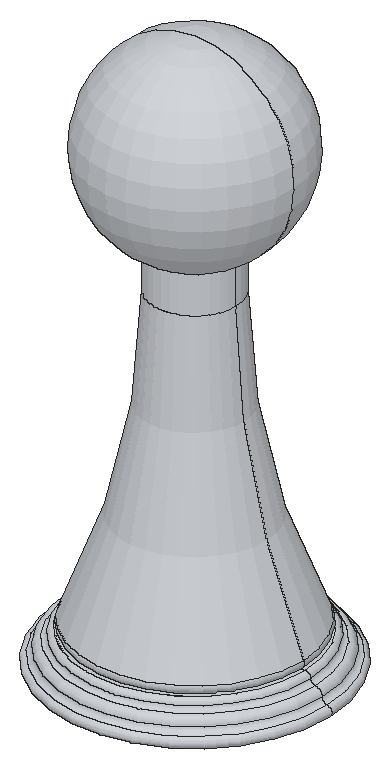
Revit family "Accessory-Robe_Hook-KOHLER-Finial_Traditional-K-364", category Specialty Equipment, host Face, Revit 2015
Parameters (values of type "CP-Polished Chrome")
  Width = 2 1/16"  # constant formula
  URL = "https://www.us.kohler.com/us/"
  Type = 1
  Product Page URL = "http://www.us.kohler.com/us/catalog/productDetails.jsp?productNumber=364"
  Product Name = "Finial Traditional"  # constant formula
  Product Documentation Link = "http://www.us.kohler.com/onlinecatalog/pdf/K-364_spec.pdf"
  Model = if(Type = 1, "K-364-CP", if(Type = 2, "K-364-SN", if(Type = 3, "K-364-AF", if(Type = 4, "K-364-BN", if(Type = 5, "K-364-BV", if(Type = 6, "K-364-2BZ", "NA"))))))  # "K-364-CP"
  Material = "Premium Metal Construction"  # constant formula
  MasterFormat 2004 = "10.28.13"  # constant formula
  MasterFormat 1995 = "10820"  # constant formula
  Manufacturer Address = "444 Highland Dr, Kohler, WI 53044"  # constant formula
  Manufacturer = "KOHLER Co."  # constant formula
  Length = 4 1/4"  # constant formula
  Height = 2 1/16"  # constant formula
  Finish = Kohler-Metal-CP-Polished_Chrome
  Environmental Product Declaration = ""
  Description = "Robe Hook"  # constant formula
  Default Elevation = 42"
  Declare Label = ""
  Date Modified = "12/18/2018"  # constant formula
  Date Created = "12/18/2018"  # constant formula
  Copyright = "Copyright KOHLER Co."  # constant formula
  Contact Us = "https://www.us.kohler.com/us/static/contact.jsp"
  Assembly Code = "C1030200"
  ADA Compliant = 1 = 0  # no
Types (7): name | Type | Model | Finish
  (no name) | 1 | "K-364-CP" | Kohler-Metal-CP-Polished_Chrome
  CP-Polished Chrome | 1 | "K-364-CP" | Kohler-Metal-CP-Polished_Chrome
  SN-Vibrant Polished Nickel | 2 | "K-364-SN" | Kohler-Metal-SN-Vibrant_Polished_Nickel
  AF-Vibrant French Gold | 3 | "K-364-AF" | Kohler-Metal-AF-Vibrant_French_Gold
  BN-Vibrant Brushed Nickel | 4 | "K-364-BN" | Kohler-Metal-BN-Vibrant_Brushed_Nickel
  BV-Vibrant Brushed Bronze | 5 | "K-364-BV" | Kohler-Metal-BV-Brushed_Bronze
  2BZ-Oil Rubbed Bronze | 6 | "K-364-2BZ" | Kohler-Metal-2BZ-Oil_Rubbed_Bronze
Reference planes (in)
  plane 1 "Center (Front/Back)": y = 0
  plane 2: z = 0
  plane 3 "Center (Left/Right)": x = 0
  plane 4: y = 1.03125
  plane 5: y = -1.03125
  plane 6: z = 4.25
  plane 7: x = 1.03125
  plane 8: x = -1.03125
Dimensions and locks (in)
  "Width": plane 8 to plane 7
  "Height": plane 4 to plane 5
  "Length": plane 6 to level
  aligned and locked: plane 2 to host face
  aligned and locked: level to host face
Automatic sketch dimensions
  host sketch curve to host sketch curve = 96"  (x2)
Nested families (in)
  nested 1: "K-364" at (0, 0, 0), type "K-364"
Definition of nested family "K-364"
  Parameters (values of type "K-364")
    Material = none
  Reference planes (in)
    plane 1 "Center (Front/Back)": y = 0
    plane 2: z = 0
    plane 3 "Center (Left/Right)": x = 0
    plane 4: x = -1.03125
    plane 5: x = 1.03125
    plane 6: y = 1.03125
    plane 7: y = -1.03125
    plane 8: z = 4.25
  Forms (in)
    Revolve 1, solid, material <- "Material", detail levels medium+fine
      sketch origin (0, 0, 0) x (1, 0, 0) y (0, 0, 1)
        loop
          arc (0, 4.25) -> (-0.72225, 3.70214) -> (-0.38932, 2.85896) r 0.75
          arc (-0.38932, 2.85896) -> (-0.37384, 2.85224) -> (-0.35712, 2.84995) r 0.06203
          line (-0.35712, 2.84995) -> (-0.3125, 2.84995) -> (-0.3125, 2.53501)
          arc (-0.3125, 2.53501) -> (-0.44067, 1.3989) -> (-0.81875, 0.3199) r 5.0993
          arc (-0.81875, 0.3199) -> (-0.8166, 0.27624) -> (-0.77839, 0.255) r 0.045
          line (-0.77839, 0.255) -> (-0.83139, 0.255)
          arc (-0.83139, 0.255) -> (-0.86014, 0.24336) -> (-0.87189, 0.21465) r 0.03994
          arc (-0.87189, 0.21465) -> (-0.88178, 0.19006) -> (-0.90616, 0.17966) r 0.03463
          arc (-0.90616, 0.17966) -> (-0.94476, 0.1632) -> (-0.96042, 0.12427) r 0.05483
          arc (-0.96042, 0.12427) -> (-0.97091, 0.09492) -> (-0.99797, 0.07945) r 0.04496
          arc (-0.99797, 0.07945) -> (-1.03125, 0.0367) -> (-0.99139, 0) r 0.04
          line (-0.99139, 0) -> (0, 0) -> (0, 4.25)
        axis (0, 4.25) -> (0, 0)
      angle from 0 to 360
    Revolve 2, solid, material <- "Material", detail levels coarse
      sketch origin (0, 0, 0) x (1, 0, 0) y (0, 0, 1)
        loop
          arc (0, 4.25) -> (-0.7319, 3.66379) -> (-0.31967, 2.82154) r 0.75
          line (-0.31967, 2.82154) -> (-1.03125, 0) -> (0, 0) -> (0, 4.25)
        axis (0, 4.25) -> (0, 0)
      angle from 0 to 360
  Lines and regions (in)
    Masking region 1
      outline origin (0, 0, 0) x (1, 0, 0) y (0, 0, 1)
        loop
          arc (0.99139, 0) -> (1.03125, 0.03671) -> (0.99794, 0.07945) r 0.03999
          arc (0.99794, 0.07945) -> (0.97085, 0.0949) -> (0.96034, 0.12427) r 0.04496
          arc (0.96034, 0.12427) -> (0.94468, 0.1632) -> (0.90608, 0.17966) r 0.05483
          arc (0.90608, 0.17966) -> (0.8817, 0.19006) -> (0.87181, 0.21465) r 0.03463
          arc (0.87181, 0.21465) -> (0.86006, 0.24336) -> (0.83131, 0.255) r 0.03994
          line (0.83131, 0.255) -> (0.77852, 0.255)
          arc (0.77852, 0.255) -> (0.81783, 0.2781) -> (0.81679, 0.32368) r 0.045
          arc (0.81679, 0.32368) -> (0.44007, 1.40094) -> (0.31236, 2.53501) r 5.0993
          line (0.31236, 2.53501) -> (0.31236, 2.84995) -> (0.35698, 2.84995)
          arc (0.35698, 2.84995) -> (0.3737, 2.85224) -> (0.38918, 2.85896) r 0.06203
          arc (0.38918, 2.85896) -> (0.72211, 3.70214) -> (-0.00014, 4.25) r 0.75
          arc (-0.00014, 4.25) -> (-0.72238, 3.70214) -> (-0.38946, 2.85896) r 0.75
          arc (-0.38946, 2.85896) -> (-0.37397, 2.85224) -> (-0.35726, 2.84995) r 0.06203
          line (-0.35726, 2.84995) -> (-0.31264, 2.84995) -> (-0.31264, 2.53501)
          arc (-0.31264, 2.53501) -> (-0.44081, 1.3989) -> (-0.81888, 0.3199) r 5.0993
          arc (-0.81888, 0.3199) -> (-0.81674, 0.27624) -> (-0.77852, 0.255) r 0.045
          line (-0.77852, 0.255) -> (-0.83131, 0.255)
          arc (-0.83131, 0.255) -> (-0.86006, 0.24336) -> (-0.87181, 0.21465) r 0.03994
          arc (-0.87181, 0.21465) -> (-0.8817, 0.19006) -> (-0.90608, 0.17966) r 0.03463
          arc (-0.90608, 0.17966) -> (-0.94468, 0.1632) -> (-0.96034, 0.12427) r 0.05483
          arc (-0.96034, 0.12427) -> (-0.97085, 0.0949) -> (-0.99794, 0.07945) r 0.04496
          arc (-0.99794, 0.07945) -> (-1.03125, 0.03671) -> (-0.99139, 0) r 0.03999
          line (-0.99139, 0) -> (0.99139, 0)
    Masking region 2
      outline origin (0, 0, 0) x (0, 1, 0) y (0, 0, 1)
        loop
          line (-0.99139, 0) -> (0.99139, 0)
          arc (0.99139, 0) -> (1.03125, 0.03671) -> (0.99794, 0.07945) r 0.03999
          arc (0.99794, 0.07945) -> (0.97085, 0.0949) -> (0.96034, 0.12427) r 0.04496
          arc (0.96034, 0.12427) -> (0.94468, 0.1632) -> (0.90608, 0.17966) r 0.05483
          arc (0.90608, 0.17966) -> (0.8817, 0.19006) -> (0.87181, 0.21465) r 0.03463
          arc (0.87181, 0.21465) -> (0.86006, 0.24336) -> (0.83131, 0.255) r 0.03994
          line (0.83131, 0.255) -> (0.77852, 0.255)
          arc (0.77852, 0.255) -> (0.81674, 0.27624) -> (0.81888, 0.3199) r 0.045
          arc (0.81888, 0.3199) -> (0.44081, 1.3989) -> (0.31264, 2.53501) r 5.0993
          line (0.31264, 2.53501) -> (0.31264, 2.84995) -> (0.35726, 2.84995)
          arc (0.35726, 2.84995) -> (0.37397, 2.85224) -> (0.38946, 2.85896) r 0.06203
          arc (0.38946, 2.85896) -> (0.72238, 3.70214) -> (0.00014, 4.25) r 0.75
          arc (0.00014, 4.25) -> (-0.72211, 3.70214) -> (-0.38918, 2.85896) r 0.75
          arc (-0.38918, 2.85896) -> (-0.3737, 2.85224) -> (-0.35698, 2.84995) r 0.06203
          line (-0.35698, 2.84995) -> (-0.31236, 2.84995) -> (-0.31236, 2.53501)
          arc (-0.31236, 2.53501) -> (-0.44007, 1.40094) -> (-0.81679, 0.32368) r 5.0993
          arc (-0.81679, 0.32368) -> (-0.81783, 0.2781) -> (-0.77852, 0.255) r 0.045
          line (-0.77852, 0.255) -> (-0.83131, 0.255)
          arc (-0.83131, 0.255) -> (-0.86006, 0.24336) -> (-0.87181, 0.21465) r 0.03994
          arc (-0.87181, 0.21465) -> (-0.8817, 0.19006) -> (-0.90608, 0.17966) r 0.03463
          arc (-0.90608, 0.17966) -> (-0.94468, 0.1632) -> (-0.96034, 0.12427) r 0.05483
          arc (-0.96034, 0.12427) -> (-0.97085, 0.0949) -> (-0.99794, 0.07945) r 0.04496
          arc (-0.99794, 0.07945) -> (-1.03125, 0.03671) -> (-0.99139, 0) r 0.03999
    Masking region 3
      outline origin (0, 0, 0) x (1, 0, 0) y (0, 1, 0)
        loop
          circle (0, 0) r 1.03125
    symbolic lines, detail levels medium+fine
      curve 1: line (-0.77852, 0, 0.255) -> (0.77852, 0, 0.255)
      curve 2: line (-0.81875, 0, 0.3199) -> (0.81875, 0, 0.3199)
      curve 3: line (-0.90608, 0, 0.17966) -> (0.90608, 0, 0.17966)
      curve 4: line (-0.99794, 0, 0.07945) -> (0.99794, 0, 0.07945)
      curve 5: line (-0.3125, 0, 2.84995) -> (0.3125, 0, 2.84995)
      curve 6: line (0, 0.77852, 0.255) -> (0, -0.77852, 0.255)
      curve 7: line (0, 0.81875, 0.3199) -> (0, -0.81875, 0.3199)
      curve 8: line (0, 0.90608, 0.17966) -> (0, -0.90608, 0.17966)
      curve 9: line (0, 0.99794, 0.07945) -> (0, -0.99794, 0.07945)
      curve 10: line (0, 0.31264, 2.84995) -> (0, -0.3125, 2.84995)
      curve 11: circle (0, 0, 0) r 0.75 normal (0, 0, 1)
      curve 12: circle (0, 0, 0) r 0.83139 normal (0, 0, 1)
      curve 13: circle (0, 0, 0) r 0.81875 normal (0, 0, -1)
      curve 14: circle (0, 0, 0) r 0.96039 normal (0, 0, 1)
      curve 15: circle (0, 0, 0) r 0.87252 normal (0, 0, 1)
  Dimensions and locks (in)
    aligned and locked: level to plane 2
